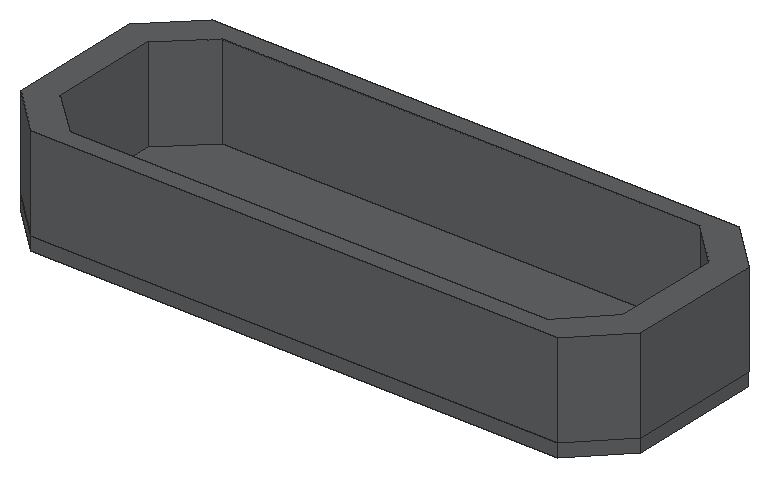
Revit family "Universalträger UT4, Systemlänge 208 mm, 36", category Generic Models, Revit 2015
Parameters (values of type "UT4")
  Width = 76 mm
  URL = "http://www.obo-bettermann.com"
  Material = OBO PA
  Manufacturer Art.No. = "7408725"
  Manufacturer = "OBO Bettermann"
  Length = 208 mm
  Height 1 = 4.5 mm
  Height = 36 mm
  GTIN = "4012196435258"
  Article Type = "UT4"
Reference planes
  plane 1 "Center (Front/Back)": y = 0
  plane 2: z = 0
  plane 3 "Center (Left/Right)": x = 0
  plane 4: z = 4.5
  plane 5: z = 36
Forms (mm)
  Extrusion 1, solid, material "OBO PA" <- "Material"
    sketch origin (0, 0, 0) x (1, 0, 0) y (0, 1, 0)
      loop
        line (-88.417, 38) -> (-103.98, 23) -> (-103.98, -23) -> (-88.417, -38) -> (88.433, -38) -> (104.02, -22.413) -> (104.02, 22.6) -> (88.433, 38) -> (-88.417, 38)
    from 0 to 4.5
  Extrusion 2, solid, material "OBO PA" <- "Material"
    sketch origin (0, 0, 0) x (1, 0, 0) y (0, 1, 0)
      loop
        line (88.433, 38) -> (-88.417, 38) -> (-103.98, 23) -> (-103.98, -23) -> (-88.417, -38) -> (88.433, -38) -> (104.02, -22.413) -> (104.02, 22.6) -> (88.433, 38)
      loop
        line (80.32, 31.959) -> (-80.275, 31.959) -> (-94.28, 18.46) -> (-94.28, -18.46) -> (-80.232, -32) -> (80.291, -32) -> (94.32, -17.971) -> (94.32, 18.126) -> (80.32, 31.959)
    from 4.5 to 36
Dimensions and locks
  "Height 1": plane 4 to level
  "Height": plane 5 to level
  locked: Extrusion 1 sketch curve to plane 3 "Center (Left/Right)" at 88.417  (x2)
  "Width": Extrusion 1 sketch curve to Extrusion 1 sketch curve
  equal spacing: Extrusion 1 sketch curve, plane 1 "Center (Front/Back)", Extrusion 1 sketch curve, locked at 38 each
  locked: Extrusion 1 sketch curve to plane 3 "Center (Left/Right)" at 103.98
  locked: Extrusion 1 sketch curve to Extrusion 1 sketch curve at 46
  equal spacing: Extrusion 1 sketch curve, plane 1 "Center (Front/Back)", Extrusion 1 sketch curve, locked at 23 each
  "Length": Extrusion 1 sketch curve to Extrusion 1 sketch curve
  locked: Extrusion 1 sketch curve to Extrusion 1 sketch curve at 176.85
  Extrusion 1 to Extrusion 2 sketch curve = 6.041 mm
  locked: Extrusion 1 to Extrusion 2 sketch curve at 10  (x4)
  locked: Extrusion 1 to Extrusion 2 sketch curve at 9.7
  locked: Extrusion 1 to Extrusion 2 sketch curve at 6
  locked: Extrusion 2 sketch curve to Extrusion 1 at 9.7
  aligned and locked: level to plane 2
  aligned and locked: plane 4 to Extrusion 1
  aligned and locked: Extrusion 1 sketch curve to Extrusion 1 sketch curve
  aligned and locked: Extrusion 2 sketch curve to Extrusion 1  (x8)
  aligned and locked: plane 5 to Extrusion 2
  aligned and locked: Extrusion 2 to Extrusion 1
Automatic sketch dimensions
  Extrusion 1 sketch curve to Extrusion 1 sketch curve = 15.587 mm
  Extrusion 1 sketch curve to plane 1 "Center (Front/Back)" = 22.6 mm
